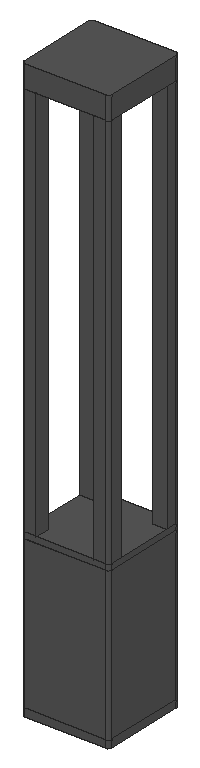
Revit family "PILLAR_SQUARE_LED_BOLLARD", category Lighting Fixtures, host Face, Revit 2022
Family settings
  Host = Face
  Round Connector Dimension = Use Diameter
  Part Type = Normal
  Cut with Voids When Loaded = No
  Light Source = Yes
  Maintain Annotation Orientation = No
  Shared = No
  Room Calculation Point = No
Parameters (values of type "PSBD40H-SP-SW1-BK(10W,4000K)")
  Wattage Comments = "10W/15W/20W"  # constant formula
  Wattage = 8.24683 W
  WATTS = 10 W
  built-in parameter 1150110 = 1 (stored number, unit not read)
  Voltage Comments = "120-277 V"  # constant formula
  Voltage = 277 V
  URL = "https://www.abovealllighting.com/search/index.html?keys=PILLAR%20SQUARE%20LED%20BOLLARD"
  Type Comments = "PILLAR SQUARE LED BOLLARD"  # constant formula
  built-in parameter 1114217 = 1 (stored number, unit not read)
  Tilt Angle = -90.00°
  built-in parameter 1150109 = 1 (stored number, unit not read)
  built-in parameter 1150134 = 12
  built-in parameter 1150113 = 1 (stored number, unit not read)
  Photometric Web File = "PSBD 10W 4000K.IES"
  Order number = "17458"  # constant formula
  Model = "PSBD40H-SP-SW1-BK"
  Manufacturer = "Above All Lighting"  # constant formula
  built-in parameter 1150105 = 435.6 (stored number, unit not read)
  Lumens = 1225 lm
  built-in parameter 1150115 = 1 (stored number, unit not read)
  Light lenght frm base = 3' - 3 95/256"
  built-in parameter 1150137 = (empty or 0)
  built-in parameter 1150139 = (empty or 0)
  built-in parameter 1150112 = 1 (stored number, unit not read)
  built-in parameter 1150114 = 1 (stored number, unit not read)
  built-in parameter 1150132 = 2
  built-in parameter 1150102 = (empty or 0)
  built-in parameter 1150107 = 4000 (stored number, unit not read)
  built-in parameter 1150138 = (empty or 0)
  built-in parameter 1150106 = 4.356 (stored number, unit not read)
  IP Rating = "65"  # constant formula
  Fixture Width = 0' - 5.90551"
  Fixture Length = Fixture Width  # 0' - 5.90551"
  Finish/Color = Black
  built-in parameter 1150104 = 13.8 (stored number, unit not read)
  Dimming Lamp Color Temperature Shift = <None>
  Description = "The Pillar square led bollard has UV powder coated die cast high quality aluminum body moulded silicone \r\ngasket and stainless steel screws. Wattage and CCT Selectable.This bollard is an excellent choice for \r\nwalkways, entrances, promenades, plazas, courtyards, driveways, bridges, and landscaped areas."  # constant formula
  Default Elevation = 4' - 0"
  Color Filter = 16777215
  CRI = "80"  # constant formula
  built-in parameter 1114218 = 1 (stored number, unit not read)
  Average life based on 104F(HRS) = "50000"  # constant formula
  built-in parameter 1150133 = 10 (stored number, unit not read)
  Apparent Load = 12.5 VA
Types (10): name | Wattage | WATTS | built-in parameter 1150134 | Photometric Web File | built-in parameter 1150105 | Lumens | built-in parameter 1150107 | built-in parameter 1150106 | Apparent Load
  (no name) | 8.24683 W | 10 W | 12 | "PSBD 10W 4000K.IES" | 435.6 (stored number, unit not read) | 1225 lm | 4000 (stored number, unit not read) | 4.356 (stored number, unit not read) | 12.5 VA
  PSBD40H-SP-SW1-BK(10W,4000K) | 8.24683 W | 10 W | 12 | "PSBD 10W 4000K.IES" | 435.6 (stored number, unit not read) | 1225 lm | 4000 (stored number, unit not read) | 4.356 (stored number, unit not read) | 12.5 VA
  PSBD40H-SP-SW1-BK(15W,4000K) | 10.4348 W | 15 W | 12 | "PSBD 15W 4000K.IES" | 605.07 (stored number, unit not read) | 1550 lm | 4000 (stored number, unit not read) | 6.0507 (stored number, unit not read) | 17.5 VA
  PSBD40H-SP-SW1-BK(20W,4000K) | 14.8174 W | 20 W | 12 | "PSBD 20W 4000K.IES" | 804.9 (stored number, unit not read) | 2201 lm | 4000 (stored number, unit not read) | 8.049 (stored number, unit not read) | 22.5 VA
  PSBD40H-SP-SW1-BK(10W,3000K) | 7.62747 W | 10 W | (empty or 0) | "PSBD 10W 3000K.IES" | 404.64 (stored number, unit not read) | 1133 lm | 3000 (stored number, unit not read) | 4.0464 (stored number, unit not read) | 12.5 VA
  PSBD40H-SP-SW1-BK(10W,5000K) | 8.2199 W | 10 W | 2 | "PSBD 10W 5000K.IES" | 438.48 (stored number, unit not read) | 1221 lm | 5000 (stored number, unit not read) | 4.3848 (stored number, unit not read) | 12.5 VA
  PSBD40H-SP-SW1-BK(15W,3000K) | 10.4348 W | 15 W | (empty or 0) | "PSBD 15W 3000K.IES" | 554.13 (stored number, unit not read) | 1550 lm | 3000 (stored number, unit not read) | 5.5413 (stored number, unit not read) | 17.5 VA
  PSBD40H-SP-SW1-BK(15W,5000K) | 11.3638 W | 15 W | 2 | "PSBD 15W 5000K.IES" | 604.11 (stored number, unit not read) | 1688 lm | 5000 (stored number, unit not read) | 6.0411 (stored number, unit not read) | 17.5 VA
  PSBD40H-SP-SW1-BK(20W,3000K) | 15.0126 W | 20 W | (empty or 0) | "PSBD 20W 3000K.IES" | 720.63 (stored number, unit not read) | 2230 lm | 3000 (stored number, unit not read) | 7.2063 (stored number, unit not read) | 22.5 VA
  PSBD40H-SP-SW1-BK(20W,5000K) | 11.3301 W | 20 W | 2 | "PSBD 20W 5000K.IES" | 790.9 (stored number, unit not read) | 1683 lm | 5000 (stored number, unit not read) | 7.909 (stored number, unit not read) | 22.5 VA
Reference planes (in)
  plane 1 "Center (Front/Back)": y = 0
  plane 2: z = 0
  plane 3 "Center (Left/Right)": x = 0
  plane 4: z = 39.37109
  plane 5: y = 2.95276
  plane 6: y = -2.95276
  plane 7: x = -2.95276
  plane 8: x = 2.95276
  plane 9: z = 37.87109
Dimensions and locks (in)
  "Light lenght frm base": plane 4 to plane 2
  equal spacing: plane 7, plane 3 "Center (Left/Right)", plane 8
  "Fixture Width": plane 7 to plane 8
  equal spacing: plane 5, plane 1 "Center (Front/Back)", plane 6
  "Fixture Length": plane 5 to plane 6
  plane 9 to plane 2 = 3' - 1 223/256"
  aligned and locked: plane 2 to host face
  aligned and locked: level to host face
  aligned and locked: nested 1 to plane 2
  aligned and locked: plane 9 to imposter light
  aligned and locked: plane 3 "Center (Left/Right)" to imposter light
  aligned and locked: plane 3 "Center (Left/Right)" to nested 1
Automatic sketch dimensions
  host sketch curve to host sketch curve = 8' - 0"  (x2)
Nested families (in)
  nested 1: "PILLAR NEST FAMILY" at (0, 0, 0), Light lenght frm base <- "Light lenght frm base", Body Material <- "Finish/Color", A <- "Fixture Width", type "PILLAR NEST FAMILY"
    with Light lenght frm base 3' - 3 95/256", Body Material Black
Connectors (in)
  electrical at (0, 0, 0), driven by "Voltage", driven by "Apparent Load"
    settings: on host face, index 1, voltage 277 V, apparent load 12.5 VA, apparent load phase1 0 VA, apparent load phase2 0 VA, apparent load phase3 0 VA, power factor 1, load classification "Lighting", number of poles 1, system type 30, power factor state 1, is connector primary yes, connector utility no, sub classification motor no, connector description ""
Definition of nested family "PILLAR NEST FAMILY"
  Parameters (values of type "PILLAR NEST FAMILY")
    Light lenght frm base [instance] = 3' - 3.37008"
    Default Elevation = 0' - 0"
    Body Material [instance] = none
    A [instance] = 0' - 5.90551"
  Reference planes (in)
    plane 1 "Center (Front/Back)": y = 0
    plane 2: z = 0
    plane 3 "Center (Left/Right)": x = 0
    plane 4: z = 39.37008
    plane 5: z = 10.73622
    plane 6: z = 37.87008
    plane 7: z = 0.5
    plane 8: x = -2.95276
    plane 9: x = 2.95276
    plane 10: y = -2.95276
    plane 11: y = 2.95276
    plane 12: z = 11.10565
  Forms (in)
    Extrusion 1, solid, material <- "Body Material"
      sketch origin (0, 0, 0) x (1, 0, 0) y (0, 1, 0)
        loop
          arc (-2.70276, 2.95276) -> (-2.87953, 2.87953) -> (-2.95276, 2.70276) r 0.25
          line (-2.95276, 2.70276) -> (-2.95276, -2.70276)
          arc (-2.95276, -2.70276) -> (-2.87953, -2.87953) -> (-2.70276, -2.95276) r 0.25
          line (-2.70276, -2.95276) -> (2.70276, -2.95276)
          arc (2.70276, -2.95276) -> (2.87953, -2.87953) -> (2.95276, -2.70276) r 0.25
          line (2.95276, -2.70276) -> (2.95276, 2.70276)
          arc (2.95276, 2.70276) -> (2.87953, 2.87953) -> (2.70276, 2.95276) r 0.25
          line (2.70276, 2.95276) -> (-2.70276, 2.95276)
      from 0 to 0.5
    Extrusion 2, solid, material <- "Body Material"
      sketch origin (0, 0, 0) x (1, 0, 0) y (0, 1, 0)
        loop
          line (2.70276, 2.95276) -> (-2.70276, 2.95276)
          arc (-2.70276, 2.95276) -> (-2.87953, 2.87953) -> (-2.95276, 2.70276) r 0.25
          line (-2.95276, 2.70276) -> (-2.95276, -2.70276)
          arc (-2.95276, -2.70276) -> (-2.87953, -2.87953) -> (-2.70276, -2.95276) r 0.25
          line (-2.70276, -2.95276) -> (2.70276, -2.95276)
          arc (2.70276, -2.95276) -> (2.87953, -2.87953) -> (2.95276, -2.70276) r 0.25
          line (2.95276, -2.70276) -> (2.95276, 2.70276)
          arc (2.95276, 2.70276) -> (2.87953, 2.87953) -> (2.70276, 2.95276) r 0.25
      from 0.5 to 10.73622
    Extrusion 3, solid, material <- "Body Material"
      sketch origin (0, 0, 0) x (1, 0, 0) y (0, 1, 0)
        loop
          line (2.70276, 2.95276) -> (-2.70276, 2.95276)
          arc (-2.70276, 2.95276) -> (-2.87953, 2.87953) -> (-2.95276, 2.70276) r 0.25
          line (-2.95276, 2.70276) -> (-2.95276, -2.70276)
          arc (-2.95276, -2.70276) -> (-2.87953, -2.87953) -> (-2.70276, -2.95276) r 0.25
          line (-2.70276, -2.95276) -> (2.70276, -2.95276)
          arc (2.70276, -2.95276) -> (2.87953, -2.87953) -> (2.95276, -2.70276) r 0.25
          line (2.95276, -2.70276) -> (2.95276, 2.70276)
          arc (2.95276, 2.70276) -> (2.87953, 2.87953) -> (2.70276, 2.95276) r 0.25
      from 10.73622 to 11.10565
    Extrusion 4, solid, material <- "Body Material"
      sketch origin (0, 0, 0) x (1, 0, 0) y (0, 1, 0)
        loop
          arc (-2.70276, 2.95276) -> (-2.87953, 2.87953) -> (-2.95276, 2.70276) r 0.25
          line (-2.95276, 2.70276) -> (-2.95276, 1.95276) -> (-1.95276, 1.95276) -> (-1.95276, 2.95276) -> (-2.70276, 2.95276)
        loop
          line (2.70276, 2.95276) -> (1.95276, 2.95276) -> (1.95276, 1.95276) -> (2.95276, 1.95276) -> (2.95276, 2.70276)
          arc (2.95276, 2.70276) -> (2.87953, 2.87953) -> (2.70276, 2.95276) r 0.25
        loop
          line (-2.70276, -2.95276) -> (-1.95276, -2.95276) -> (-1.95276, -1.95276) -> (-2.95276, -1.95276) -> (-2.95276, -2.70276)
          arc (-2.95276, -2.70276) -> (-2.87953, -2.87953) -> (-2.70276, -2.95276) r 0.25
        loop
          arc (2.70276, -2.95276) -> (2.87953, -2.87953) -> (2.95276, -2.70276) r 0.25
          line (2.95276, -2.70276) -> (2.95276, -1.95276) -> (1.95276, -1.95276) -> (1.95276, -2.95276) -> (2.70276, -2.95276)
      from 11.10565 to 37.87008
    Extrusion 5, solid, material <- "Body Material"
      sketch origin (0, 0, 0) x (1, 0, 0) y (0, 1, 0)
        loop
          line (-2.70276, -2.95276) -> (2.70276, -2.95276)
          arc (2.70276, -2.95276) -> (2.87953, -2.87953) -> (2.95276, -2.70276) r 0.25
          line (2.95276, -2.70276) -> (2.95276, 2.70276)
          arc (2.95276, 2.70276) -> (2.87953, 2.87953) -> (2.70276, 2.95276) r 0.25
          line (2.70276, 2.95276) -> (-2.70276, 2.95276)
          arc (-2.70276, 2.95276) -> (-2.87953, 2.87953) -> (-2.95276, 2.70276) r 0.25
          line (-2.95276, 2.70276) -> (-2.95276, -2.70276)
          arc (-2.95276, -2.70276) -> (-2.87953, -2.87953) -> (-2.70276, -2.95276) r 0.25
      from 37.87008 to 39.37008
  Dimensions and locks (in)
    "Light lenght frm base": plane 4 to plane 2
    locked: plane 4 to plane 6 at 1.5
    locked: plane 7 to plane 2 at 0.5
    locked: plane 5 to plane 7 at 10.23622
    equal spacing: plane 11, plane 1 "Center (Front/Back)", plane 10
    equal spacing: plane 8, plane 3 "Center (Left/Right)", plane 9
    "A": plane 8 to plane 9
    "A": plane 11 to plane 10
    locked: plane 12 to plane 5 at 0.36943
    locked: Extrusion 4 sketch curve to Extrusion 4 sketch curve at 1  (x8)
    plane 3 "Center (Left/Right)" to Extrusion 5 = 0' - 2.95276"
    aligned and locked: plane 2 to level
    aligned and locked: plane 8 to Extrusion 1 sketch curve
    aligned and locked: plane 10 to Extrusion 1 sketch curve
    aligned and locked: Extrusion 1 sketch curve to plane 9
    aligned and locked: plane 7 to Extrusion 1
    aligned and locked: Extrusion 1 to level
    aligned and locked: plane 11 to Extrusion 2 sketch curve
    aligned and locked: plane 9 to Extrusion 2 sketch curve
    aligned and locked: Extrusion 2 sketch curve to plane 10
    aligned and locked: Extrusion 2 sketch curve to plane 8
    aligned and locked: Extrusion 2 to plane 7
    aligned and locked: plane 5 to Extrusion 2
    aligned and locked: plane 11 to Extrusion 3 sketch curve
    aligned and locked: plane 9 to Extrusion 3 sketch curve
    aligned and locked: Extrusion 3 sketch curve to plane 10
    aligned and locked: Extrusion 3 sketch curve to plane 8
    aligned and locked: Extrusion 3 to plane 5
    aligned and locked: plane 12 to Extrusion 3
    aligned and locked: plane 11 to Extrusion 4 sketch curve
    aligned and locked: Extrusion 4 sketch curve to plane 11
    aligned and locked: plane 10 to Extrusion 4 sketch curve
    aligned and locked: Extrusion 4 sketch curve to plane 10
    aligned and locked: Extrusion 4 sketch curve to plane 9
    aligned and locked: plane 9 to Extrusion 4 sketch curve
    aligned and locked: plane 8 to Extrusion 4 sketch curve
    aligned and locked: Extrusion 4 sketch curve to plane 8
    aligned and locked: plane 6 to Extrusion 4
    aligned and locked: Extrusion 4 to plane 12
    aligned and locked: plane 11 to Extrusion 5 sketch curve
    aligned and locked: plane 9 to Extrusion 5 sketch curve
    aligned and locked: Extrusion 5 sketch curve to plane 10
    aligned and locked: Extrusion 5 sketch curve to plane 8
    aligned and locked: plane 4 to Extrusion 5
    aligned and locked: Extrusion 5 to plane 6
  Automatic sketch dimensions
    Extrusion 1 sketch curve to plane 11 = 0' - 0"
    plane 8 to Extrusion 1 sketch curve = 0' - 0 1/4"
    Extrusion 1 sketch curve to Extrusion 1 sketch curve = 0' - 0 1/4"  (x2)
    Extrusion 1 sketch curve to plane 9 = 0' - 0 1/4"
    plane 8 to Extrusion 2 sketch curve = 0' - 0 1/4"
    Extrusion 2 sketch curve to Extrusion 2 sketch curve = 0' - 0 1/4"  (x2)
    Extrusion 2 sketch curve to plane 9 = 0' - 0 1/4"
    Extrusion 3 sketch curve to Extrusion 3 sketch curve = 0' - 0 1/4"
    plane 10 to Extrusion 3 sketch curve = 0' - 0 1/4"
    Extrusion 3 sketch curve to plane 9 = 0' - 0 1/4"
    Extrusion 3 sketch curve to plane 11 = 0' - 0 1/4"
    Extrusion 4 sketch curve to Extrusion 4 sketch curve = 0' - 0 1/4"  (x2)
    Extrusion 4 sketch curve to plane 9 = 0' - 0 1/4"  (x2)
    Extrusion 5 sketch curve to Extrusion 5 sketch curve = 0' - 0 1/4"
    plane 8 to Extrusion 5 sketch curve = 0' - 0 1/4"
    Extrusion 5 sketch curve to plane 9 = 0' - 0 1/4"
    plane 10 to Extrusion 5 sketch curve = 0' - 0 1/4"
